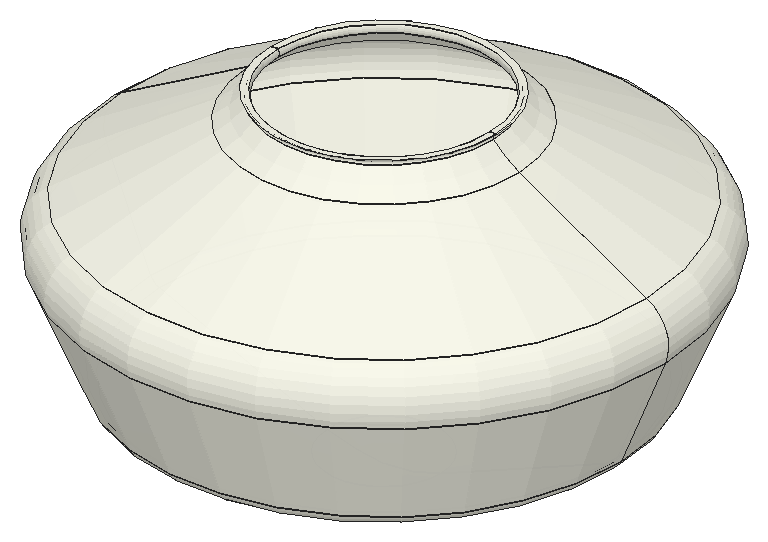
Revit family "SHO12", category Generic Models, Revit 2024
Family settings
  Can host rebar = No
  Round Connector Dimension = Use Diameter
  Part Type = Normal
  Work Plane-Based = No
  Always vertical = Yes
  Cut with Voids When Loaded = No
  Maintain Annotation Orientation = No
  Shared = No
  Room Calculation Point = No
Parameters
  Default Elevation = 0' - 0"
Reference planes (in)
  plane 1 "Center (Front/Back)": y = 0
  plane 2: z = 0
  plane 3 "Center (Left/Right)": x = 0
Forms (in)
  Revolve 1, solid, material "OPAL"
    sketch origin (0, 0, 0) x (1, 0, 0) y (0, 0, 1)
      loop
        line (2.38822, 36.88752) -> (2.23531, 36.88836)
        arc (2.23531, 36.88836) -> (2.21606, 36.80234) -> (2.24189, 36.71805) r 0.17228
        arc (2.24189, 36.71805) -> (2.50547, 36.46021) -> (2.80784, 36.2492) r 2.23561
        line (2.80784, 36.2492) -> (5.51308, 34.81533)
        arc (5.51308, 34.81533) -> (5.87526, 34.39542) -> (5.8577, 33.84118) r 0.76339
        line (5.8577, 33.84118) -> (4.92761, 31.66174)
        arc (4.92761, 31.66174) -> (4.85507, 31.55507) -> (4.74757, 31.48374) r 0.33482
        arc (4.74757, 31.48374) -> (2.94703, 30.83442) -> (1.19836, 30.05617) r 26.36298
        arc (1.19836, 30.05617) -> (0.60941, 29.8898) -> (0, 29.83372) r 3.33904
        line (0, 29.83372) -> (0, 29.73997)
        arc (0, 29.73997) -> (0.62857, 29.79801) -> (1.23588, 29.97016) r 3.43279
        arc (1.23588, 29.97016) -> (2.9818, 30.74735) -> (4.77959, 31.39555) r 26.26923
        arc (4.77959, 31.39555) -> (4.91952, 31.48696) -> (5.01384, 31.62495) r 0.42857
        line (5.01384, 31.62495) -> (5.94393, 33.80439)
        arc (5.94393, 33.80439) -> (5.96364, 34.42669) -> (5.55699, 34.89816) r 0.85714
        line (5.55699, 34.89816) -> (2.85339, 36.33116)
        arc (2.85339, 36.33116) -> (2.56796, 36.53018) -> (2.31852, 36.7728) r 2.14186
        arc (2.31852, 36.7728) -> (2.3211, 36.84977) -> (2.38822, 36.88752) r 0.07853
      axis (0, 36.88836) -> (0, 29.73997)
    angle from 0 to 360
Dimensions and locks (in)
  aligned and locked: plane 2 to level
